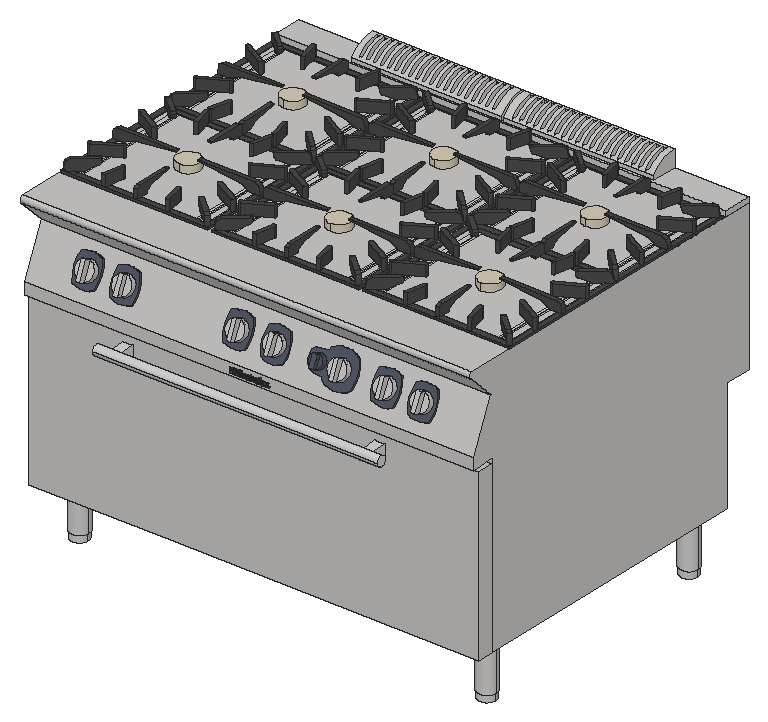
Revit family "QF_ELECTROLUXPROFESSIONAL_391463_E9AANABJMIE", category Attrezzature speciali, Revit 2018
Family settings
  Quota connettore circolare = Usa diametro
  Tipo di parte = Normale
  Basato su piano di lavoro = No
  Sempre verticale = Sì
  Taglio con vuoti quando caricato = No
  Condiviso = No
  Punto di calcolo locali = No
Parameters (values of type "Standard")
  Weight = 200.00 kg
  Watts = 0 W
  Volts = 0 V
  URL Manufacturer = "https://www.electroluxprofessional.com/"
  URL = "https://www.electroluxprofessional.com/"
  Steam Supply Size = 0"
  Steam Supply Minimum Pressure = 0.00 psi
  Steam Supply Maximum Pressure = 0.00 psi
  Steam Consumption per Hour = 0
  Show Logo [instance] = yes
  Show Clearance [instance] = yes
  Refrigeration Suction Line Size = 0 mm
  Refrigeration Liquid Line Size = 0 mm
  Refrigerant Compressor Remote = yes
  Phase = 0
  Modello = "E9AANABJMIE"
  Produttore = "Electrolux Professional"
  Length Actual = 1200 mm  # constant formula
  Item Number = "391463"
  Hot Water Size = 0"
  Height Actual = 850 mm  # constant formula
  HP = "0 HP"
  Gas Size = 1/2"
  Gas KW = 56
  Gas Input Pressure = 1.45819 Btu/h
  Direct Waste Size = 0"
  Descrizione = "6-BURNER GAS RANGE+LARGE GAS OVEN 1200MM - 3MM WORKTOP"
  Depth Actual = 930 mm  # constant formula
  Cycle = 0 Hz
  Condensate Return Size = 0"
  Compressed Air Volume = 0 GPM
  Compressed Air Size = 0"
  Compressed Air Pressure = 0.00 psi
  Cold Water Size = 0"
  Assembly Code = ""
  Accessory = yes
Values of the unnamed type that differ from the named types
  Weight = 0.00 kg
  URL Manufacturer = ""
  Item Number = ""
  HP = ""
  Gas KW = 0
  Gas Input Pressure = 0.0 Btu/h
Reference planes
  plane 1 "BACK": y = 0
  plane 2: z = 0
  plane 3 "LEFT": x = 0
  plane 4 "RIGHT": x = 1200
  plane 5 "FRONT": y = -700
  plane 6 "TOP": z = 909
  plane 7 "Center Y": x = 600
  plane 8 "Center X": y = -350
  plane 9 "Base": z = 150
  plane 10: z = 850.9
  plane 11: y = -930
  plane 12: y = -1109
  plane 13: y = -128
  plane 14: y = -802
  plane 15: y = -1310
  plane 16: y = -666
  plane 17: x = 56
  plane 18: x = 1144
Forms (mm)
  Extrusion 1, solid, material "QF_Finishes_Stainless Steel"
    sketch origin (0, 0, 0) x (0, 1, 0) y (0, 0, 1)
      loop
        line (0, 450) -> (0, 850.9) -> (-921.37, 850.9)
        arc (-921.37, 850.9) -> (-929.343, 845.573) -> (-927.472, 836.168) r 8.63
        line (-927.472, 836.168) -> (-858.266, 766.833) -> (-915.833, 641.476) -> (-915.833, 610.179) -> (-855.839, 614.875)
        arc (-855.839, 614.875) -> (-853.314, 614.127) -> (-852.222, 611.731) r 3.175
        line (-852.222, 611.731) -> (-852.222, 150) -> (-71, 150) -> (-71, 450) -> (0, 450)
    from 0 to 1200
  Extrusion 2, solid, material "QF_Finishes_Stainless Steel"
    sketch origin (0, -852.222, 611.731) x (0, 0, -1) y (1, 0, 0)
      loop
        line (461.731, 363.774) -> (461.731, 1200) -> (9.61, 1200) -> (9.61, 378.321) -> (9.61, 0) -> (461.731, 0) -> (461.731, 363.774)
    from 3.175 to 47.778
  Extrusion 3, solid, material "QF_Finishes_Stainless Steel"
    sketch origin (0, 0, 0) x (0, -1, 0) y (0, 0, 1)
      loop
        line (0, 850.9) -> (76.2, 850.9) -> (76.2, 865.188) -> (0, 865.188) -> (0, 850.9)
    from 0 to -1200
  Extrusion 4, solid, material "QF_Finishes_Stainless Steel"
    sketch origin (0, -852.222, 150) x (1, 0, 0) y (0, -1, 0)
      loop
        circle (1148, -186.222) r 6.4
    from 0 to 21
  Extrusion 5, solid, material "QF_Door-Drawer Clearances", visible <- "Show Clearance", detail levels coarse
    sketch origin (0, -200, 0) x (0, 1, 0) y (0, 0, 1)
      loop
        line (-1110, 150) -> (-700, 150) -> (-700, 602.41)
        arc (-700, 602.41) -> (-992.25, 455.276) -> (-1110, 150) r 454.603
    from 0 to 1200
  Extrusion 6, solid, material "QF_Clearances", visible <- "Show Clearance", detail levels coarse
    sketch origin (0, -200, 0) x (1, 0, 0) y (0, 1, 0)
      loop
        line (-100, -730) -> (0, -730) -> (0, 200) -> (1200, 200) -> (1200, -730) -> (1300, -730) -> (1300, 300) -> (-100, 300) -> (-100, -730)
    from 0 to 908.85
  Extrusion 7, solid, material "QF_Finishes_Handrails and Railings"
    sketch origin (200, -200, 0) x (0, 1, 0) y (0, 0, 1)
      loop
        line (-700, 580.001) -> (-738.549, 577.296)
        arc (-738.549, 577.296) -> (-739.742, 563.489) -> (-752.852, 558.993) r 12.7
        arc (-752.852, 558.993) -> (-752.311, 558.176) -> (-751.712, 557.401) r 13.441
        arc (-751.712, 557.401) -> (-749.907, 555.955) -> (-747.68, 555.335) r 5.77
        line (-747.68, 555.335) -> (-700, 551.992) -> (-700, 580.001)
    from 50.8 to 76.2
  Extrusion 8, solid, material "QF_Finishes_Handrails and Railings"
    sketch origin (1000, -200, 0) x (0, 1, 0) y (0, 0, -1)
      loop
        line (-700, -580.001) -> (-700, -551.992) -> (-747.68, -555.335)
        arc (-747.68, -555.335) -> (-749.907, -555.955) -> (-751.712, -557.401) r 5.77
        arc (-751.712, -557.401) -> (-752.311, -558.176) -> (-752.852, -558.993) r 13.441
        arc (-752.852, -558.993) -> (-739.742, -563.489) -> (-738.549, -577.296) r 12.7
        line (-738.549, -577.296) -> (-700, -580.001)
    from 50.8 to 76.2
  Extrusion 9, solid, material "QF_Finishes_Handrails and Railings"
    sketch origin (200, -200, 0) x (0, 1, 0) y (0, 0, 1)
      loop
        circle (-749.749, 571.309) r 12.7
    from 19.875 to 780.125
  Extrusion 10, solid, material "QF_Finishes_Navy Blue"
    sketch origin (405.244, -913.772, 646.186) x (0, 0.418102, 0.9084) y (-1, 0, 0)
      loop
        arc (102.623, -510.47) -> (67.041, -502.846) -> (31.333, -509.853) r 90.5
        arc (31.333, -509.853) -> (24.507, -539.04) -> (31.333, -568.228) r 65.817
        arc (31.333, -568.228) -> (67.04, -575.188) -> (102.623, -567.615) r 91.066
        arc (102.623, -567.615) -> (109.179, -539.043) -> (102.623, -510.47) r 65.546
    from 0 to 3.175
  Extrusion 11, solid, material "QF_Finishes_Stainless Steel"
    sketch origin (783.994, -917.485, 645.711) x (0, 0.418102, 0.9084) y (-1, 0, 0)
      loop
        circle (68.826, -160.963) r 25.4
    from 0 to 12.7
  Extrusion 12, solid, material "QF_Finishes_Stainless Steel"
    sketch origin (783.994, -929.022, 651.021) x (0, 0.418102, 0.9084) y (-1, 0, 0)
      loop
        arc (93.558, -166.749) -> (94.226, -160.963) -> (93.558, -155.177) r 25.4
        line (93.558, -155.177) -> (44.094, -155.177)
        arc (44.094, -155.177) -> (43.426, -160.963) -> (44.094, -166.749) r 25.4
        line (44.094, -166.749) -> (93.558, -166.749)
    from 0 to 12.7
  Extrusion 13, solid, material "QF_Finishes_Navy Blue"
    sketch origin (282.787, -913.772, 646.186) x (0, 0.418102, 0.9084) y (-1, 0, 0)
      loop
        arc (104.355, -502.587) -> (101.326, -501.258) -> (98.25, -500.039) r 91.066
        arc (98.25, -500.039) -> (96.592, -482.449) -> (93.213, -465.107) r 179.528
        arc (93.213, -465.107) -> (69.244, -452.795) -> (45.274, -465.107) r 29.489
        arc (45.274, -465.107) -> (38.909, -481.441) -> (37.449, -498.912) r 61.044
        arc (37.449, -498.912) -> (34.471, -499.962) -> (31.532, -501.116) r 91.066
        arc (31.532, -501.116) -> (19.517, -540.223) -> (32.929, -578.873) r 65.817
        arc (32.929, -578.873) -> (68.105, -585.173) -> (102.996, -577.452) r 91.066
        arc (102.996, -577.452) -> (115.418, -540.233) -> (104.355, -502.587) r 65.546
    from 0 to 3.175
  Extrusion 14, solid, material "QF_Finishes_Stainless Steel"
    sketch origin (661.537, -917.485, 645.711) x (0, 0.418102, 0.9084) y (-1, 0, 0)
      loop
        circle (68.826, -160.963) r 25.4
    from 0 to 12.7
  Extrusion 15, solid, material "QF_Finishes_Stainless Steel"
    sketch origin (661.537, -929.022, 651.021) x (0, 0.418102, 0.9084) y (-1, 0, 0)
      loop
        arc (93.558, -166.749) -> (94.226, -160.963) -> (93.558, -155.177) r 25.4
        line (93.558, -155.177) -> (44.094, -155.177)
        arc (44.094, -155.177) -> (43.426, -160.963) -> (44.094, -166.749) r 25.4
        line (44.094, -166.749) -> (93.558, -166.749)
    from 0 to 12.7
  Extrusion 16, solid, material "QF_Finishes_Navy Blue"
    sketch origin (604.037, -917.485, 645.711) x (0, 0.418102, 0.9084) y (-1, 0, 0)
      loop
        circle (68.826, -160.963) r 18.37
    from 0 to 12.7
  Extrusion 17, solid, material "QF_Finishes_Navy Blue"
    sketch origin (602.746, -929.022, 651.021) x (0, 0.418102, 0.9084) y (-1, 0, 0)
      loop
        arc (84.808, -167.687) -> (85.476, -161.901) -> (84.808, -156.114) r 25.4
        line (84.808, -156.114) -> (52.844, -156.114)
        arc (52.844, -156.114) -> (52.176, -161.901) -> (52.844, -167.687) r 25.4
        line (52.844, -167.687) -> (84.808, -167.687)
    from 0 to 8.112
  Extrusion 18, solid, material "QF_Finishes_Navy Blue"
    sketch origin (-392.256, -913.772, 646.186) x (0, 0.418102, 0.9084) y (-1, 0, 0)
      loop
        arc (102.623, -510.47) -> (67.041, -502.846) -> (31.333, -509.853) r 90.5
        arc (31.333, -509.853) -> (24.507, -539.04) -> (31.333, -568.228) r 65.817
        arc (31.333, -568.228) -> (67.04, -575.188) -> (102.623, -567.615) r 91.066
        arc (102.623, -567.615) -> (109.179, -539.043) -> (102.623, -510.47) r 65.546
    from 0 to 3.175
  Extrusion 19, solid, material "QF_Finishes_Stainless Steel"
    sketch origin (-13.506, -917.485, 645.711) x (0, 0.418102, 0.9084) y (-1, 0, 0)
      loop
        circle (68.826, -160.963) r 25.4
    from 0 to 12.7
  Extrusion 20, solid, material "QF_Finishes_Stainless Steel"
    sketch origin (-13.506, -929.022, 651.021) x (0, 0.418102, 0.9084) y (-1, 0, 0)
      loop
        arc (93.558, -166.749) -> (94.226, -160.963) -> (93.558, -155.177) r 25.4
        line (93.558, -155.177) -> (44.094, -155.177)
        arc (44.094, -155.177) -> (43.426, -160.963) -> (44.094, -166.749) r 25.4
        line (44.094, -166.749) -> (93.558, -166.749)
    from 0 to 12.7
  Extrusion 21, solid, material "QF_Finishes_Navy Blue"
    sketch origin (-292.256, -913.772, 646.186) x (0, 0.418102, 0.9084) y (-1, 0, 0)
      loop
        arc (102.623, -510.47) -> (67.041, -502.846) -> (31.333, -509.853) r 90.5
        arc (31.333, -509.853) -> (24.507, -539.04) -> (31.333, -568.228) r 65.817
        arc (31.333, -568.228) -> (67.04, -575.188) -> (102.623, -567.615) r 91.066
        arc (102.623, -567.615) -> (109.179, -539.043) -> (102.623, -510.47) r 65.546
    from 0 to 3.175
  Extrusion 22, solid, material "QF_Finishes_Stainless Steel"
    sketch origin (86.494, -917.485, 645.711) x (0, 0.418102, 0.9084) y (-1, 0, 0)
      loop
        circle (68.826, -160.963) r 25.4
    from 0 to 12.7
  Extrusion 23, solid, material "QF_Finishes_Stainless Steel"
    sketch origin (86.494, -929.022, 651.021) x (0, 0.418102, 0.9084) y (-1, 0, 0)
      loop
        arc (93.558, -166.749) -> (94.226, -160.963) -> (93.558, -155.177) r 25.4
        line (93.558, -155.177) -> (44.094, -155.177)
        arc (44.094, -155.177) -> (43.426, -160.963) -> (44.094, -166.749) r 25.4
        line (44.094, -166.749) -> (93.558, -166.749)
    from 0 to 12.7
  Extrusion 24, solid, material "QF_Finishes_Stainless Steel"
    sketch origin (202.4, -200, 590.5) x (0, 1, 0) y (0, 0, 1)
      loop
        line (200, 274.688) -> (200, 318.5)
        arc (200, 318.5) -> (160.905, 309.851) -> (130.15, 284.212) r 84.706
        line (130.15, 284.212) -> (130.15, 274.688) -> (200, 274.688)
    from 400 to 800
  Extrusion 25, solid, material "QF_Finishes_Navy Blue"
    sketch origin (502.744, -913.772, 646.186) x (0, 0.418102, 0.9084) y (-1, 0, 0)
      loop
        arc (102.623, -510.47) -> (67.041, -502.846) -> (31.333, -509.853) r 90.5
        arc (31.333, -509.853) -> (24.507, -539.04) -> (31.333, -568.228) r 65.817
        arc (31.333, -568.228) -> (67.04, -575.188) -> (102.623, -567.615) r 91.066
        arc (102.623, -567.615) -> (109.179, -539.043) -> (102.623, -510.47) r 65.546
    from 0 to 3.175
  Extrusion 26, solid, material "QF_Finishes_Stainless Steel"
    sketch origin (881.494, -917.485, 645.711) x (0, 0.418102, 0.9084) y (-1, 0, 0)
      loop
        circle (68.826, -160.963) r 25.4
    from 0 to 12.7
  Extrusion 27, solid, material "QF_Finishes_Stainless Steel"
    sketch origin (881.494, -929.022, 651.021) x (0, 0.418102, 0.9084) y (-1, 0, 0)
      loop
        arc (93.558, -166.749) -> (94.226, -160.963) -> (93.558, -155.177) r 25.4
        line (93.558, -155.177) -> (44.094, -155.177)
        arc (44.094, -155.177) -> (43.426, -160.963) -> (44.094, -166.749) r 25.4
        line (44.094, -166.749) -> (93.558, -166.749)
    from 0 to 12.7
  Extrusion 28, solid, material "QF_Finishes_Navy Blue"
    sketch origin (10.244, -913.772, 646.186) x (0, 0.418102, 0.9084) y (-1, 0, 0)
      loop
        arc (102.623, -510.47) -> (67.041, -502.846) -> (31.333, -509.853) r 90.5
        arc (31.333, -509.853) -> (24.507, -539.04) -> (31.333, -568.228) r 65.817
        arc (31.333, -568.228) -> (67.04, -575.188) -> (102.623, -567.615) r 91.066
        arc (102.623, -567.615) -> (109.179, -539.043) -> (102.623, -510.47) r 65.546
    from 0 to 3.175
  Extrusion 29, solid, material "QF_Finishes_Stainless Steel"
    sketch origin (388.994, -917.485, 645.711) x (0, 0.418102, 0.9084) y (-1, 0, 0)
      loop
        circle (68.826, -160.963) r 25.4
    from 0 to 12.7
  Extrusion 30, solid, material "QF_Finishes_Stainless Steel"
    sketch origin (388.994, -929.022, 651.021) x (0, 0.418102, 0.9084) y (-1, 0, 0)
      loop
        arc (93.558, -166.749) -> (94.226, -160.963) -> (93.558, -155.177) r 25.4
        line (93.558, -155.177) -> (44.094, -155.177)
        arc (44.094, -155.177) -> (43.426, -160.963) -> (44.094, -166.749) r 25.4
        line (44.094, -166.749) -> (93.558, -166.749)
    from 0 to 12.7
  Extrusion 31, solid, material "QF_Finishes_Navy Blue"
    sketch origin (110.244, -913.772, 646.186) x (0, 0.418102, 0.9084) y (-1, 0, 0)
      loop
        arc (102.623, -510.47) -> (67.041, -502.846) -> (31.333, -509.853) r 90.5
        arc (31.333, -509.853) -> (24.507, -539.04) -> (31.333, -568.228) r 65.817
        arc (31.333, -568.228) -> (67.04, -575.188) -> (102.623, -567.615) r 91.066
        arc (102.623, -567.615) -> (109.179, -539.043) -> (102.623, -510.47) r 65.546
    from 0 to 3.175
  Extrusion 32, solid, material "QF_Finishes_Stainless Steel"
    sketch origin (488.994, -917.485, 645.711) x (0, 0.418102, 0.9084) y (-1, 0, 0)
      loop
        circle (68.826, -160.963) r 25.4
    from 0 to 12.7
  Extrusion 33, solid, material "QF_Finishes_Stainless Steel"
    sketch origin (488.994, -929.022, 651.021) x (0, 0.418102, 0.9084) y (-1, 0, 0)
      loop
        arc (93.558, -166.749) -> (94.226, -160.963) -> (93.558, -155.177) r 25.4
        line (93.558, -155.177) -> (44.094, -155.177)
        arc (44.094, -155.177) -> (43.426, -160.963) -> (44.094, -166.749) r 25.4
        line (44.094, -166.749) -> (93.558, -166.749)
    from 0 to 12.7
  Extrusion 34, solid, material "QF_Finishes_Navy Blue", visible <- "Show Logo"
    sketch origin (261.109, -915.962, 610.773) x (0, 0, 1) y (-1, 0, 0)
      loop
        line (20.674, -296.698) -> (8.307, -296.698)
        arc (8.307, -296.698) -> (14.491, -301.27) -> (20.674, -296.698) r 6.467
      loop
        arc (20.674, -296.069) -> (19.505, -290.926) -> (14.849, -288.448) r 6.338
        line (14.849, -288.448) -> (14.849, -290.494)
        arc (14.849, -290.494) -> (16.333, -294.149) -> (19.778, -296.069) r 5.941
        line (19.778, -296.069) -> (20.674, -296.069)
      loop
        arc (9.203, -296.069) -> (12.648, -294.149) -> (14.132, -290.494) r 5.941
        line (14.132, -290.494) -> (14.132, -288.448)
        arc (14.132, -288.448) -> (9.438, -290.922) -> (8.148, -296.069) r 6.504
        line (8.148, -296.069) -> (9.203, -296.069)
      loop
        line (21.349, -287.979) -> (7.604, -287.979) -> (7.604, -301.742) -> (21.349, -301.742) -> (21.349, -287.979)
      loop
        arc (21.432, -304.71) -> (21.085, -304.352) -> (20.718, -304.69) r 0.358
        arc (20.718, -304.69) -> (20.404, -305.44) -> (19.687, -305.825) r 1.216
        line (19.687, -305.825) -> (9.274, -305.825)
        arc (9.274, -305.825) -> (8.614, -305.548) -> (8.218, -304.951) r 1.238
        arc (8.218, -304.951) -> (7.823, -304.7) -> (7.518, -305.054) r 0.358
        line (7.518, -305.054) -> (7.518, -314.933) -> (10.269, -314.933) -> (10.269, -314.036)
        arc (10.269, -314.036) -> (9.36, -313.456) -> (8.904, -312.479) r 1.928
        line (8.904, -312.479) -> (8.904, -309.98)
        arc (8.904, -309.98) -> (9.18, -309.251) -> (9.868, -308.887) r 1.101
        line (9.868, -308.887) -> (13.955, -308.887) -> (13.955, -312.561)
        arc (13.955, -312.561) -> (13.602, -313.058) -> (13.037, -313.286) r 1.083
        arc (13.037, -313.286) -> (12.773, -313.591) -> (13.065, -313.869) r 0.292
        line (13.065, -313.869) -> (16.028, -313.869)
        arc (16.028, -313.869) -> (16.33, -313.596) -> (16.092, -313.266) r 0.305
        arc (16.092, -313.266) -> (15.601, -313.018) -> (15.296, -312.561) r 1.083
        line (15.296, -312.561) -> (15.296, -308.887) -> (19.973, -308.887) -> (19.973, -312.635)
        arc (19.973, -312.635) -> (19.759, -313.39) -> (19.153, -313.888) r 1.314
        arc (19.153, -313.888) -> (18.934, -314.292) -> (19.288, -314.585) r 0.361
        line (19.288, -314.585) -> (21.432, -314.585) -> (21.432, -304.71)
      loop
        arc (20.715, -315.365) -> (20.335, -316.284) -> (19.416, -316.664) r 1.299
        line (19.416, -316.664) -> (9.837, -316.664)
        arc (9.837, -316.664) -> (8.999, -316.286) -> (8.728, -315.408) r 1.118
        line (8.728, -315.408) -> (7.518, -315.408) -> (7.518, -320.758) -> (8.706, -320.758)
        arc (8.706, -320.758) -> (8.978, -319.841) -> (9.848, -319.445) r 1.153
        line (9.848, -319.445) -> (21.92, -319.445) -> (20.715, -315.365)
      loop
        line (12.483, -323.394) -> (12.483, -329.842) -> (13.282, -329.842)
        arc (13.282, -329.842) -> (15.862, -328.857) -> (17.131, -326.404) r 3.874
        line (17.131, -326.404) -> (17.131, -324.643)
        arc (17.131, -324.643) -> (15.944, -321.778) -> (13.08, -320.592) r 4.051
        line (13.08, -320.592) -> (11.072, -320.592)
        arc (11.072, -320.592) -> (8.253, -322.077) -> (7.202, -325.084) r 4.352
        arc (7.202, -325.084) -> (7.566, -327.547) -> (8.943, -329.621) r 5.713
        line (8.943, -329.621) -> (9.892, -329.621)
        arc (9.892, -329.621) -> (9.16, -328.052) -> (8.943, -326.334) r 5.579
        arc (8.943, -326.334) -> (9.737, -324.371) -> (11.616, -323.394) r 3.057
        line (11.616, -323.394) -> (12.483, -323.394)
      loop
        line (13.742, -323.394) -> (13.742, -326.977)
        arc (13.742, -326.977) -> (15.199, -327.024) -> (16.082, -325.864) r 1.59
        line (16.082, -325.864) -> (16.082, -325.034)
        arc (16.082, -325.034) -> (15.217, -323.779) -> (13.742, -323.394) r 2.184
      loop
        arc (16.533, -339.259) -> (17.022, -337.585) -> (17.179, -335.848) r 9.023
        line (17.179, -335.848) -> (17.179, -334.486)
        arc (17.179, -334.486) -> (16.02, -331.686) -> (13.22, -330.527) r 3.959
        line (13.22, -330.527) -> (10.62, -330.527)
        arc (10.62, -330.527) -> (8.338, -331.819) -> (7.221, -334.192) r 4.331
        line (7.221, -334.192) -> (7.221, -336.327)
        arc (7.221, -336.327) -> (7.729, -337.877) -> (8.651, -339.223) r 5.772
        arc (8.651, -339.223) -> (9.412, -339.274) -> (9.499, -338.515) r 0.553
        arc (9.499, -338.515) -> (9.111, -337.781) -> (8.977, -336.962) r 2.573
        line (8.977, -336.962) -> (8.977, -335.447)
        arc (8.977, -335.447) -> (9.983, -333.806) -> (11.798, -333.163) r 2.884
        line (11.798, -333.163) -> (13.077, -333.163)
        arc (13.077, -333.163) -> (14.898, -333.723) -> (15.824, -335.388) r 2.554
        line (15.824, -335.388) -> (15.824, -336.441)
        arc (15.824, -336.441) -> (15.493, -337.369) -> (14.836, -338.104) r 2.564
        arc (14.836, -338.104) -> (14.614, -338.821) -> (15.223, -339.259) r 0.643
        line (15.223, -339.259) -> (16.533, -339.259)
      loop
        line (15.515, -339.53) -> (15.515, -341.031) -> (9.467, -341.031)
        arc (9.467, -341.031) -> (7.879, -341.688) -> (7.221, -343.276) r 2.246
        line (7.221, -343.276) -> (7.221, -344.86)
        arc (7.221, -344.86) -> (7.535, -345.725) -> (8.035, -346.496) r 4.06
        arc (8.035, -346.496) -> (8.768, -346.629) -> (9.019, -345.928) r 0.576
        arc (9.019, -345.928) -> (8.913, -345.403) -> (8.977, -344.87) r 1.69
        arc (8.977, -344.87) -> (9.519, -344.082) -> (10.425, -343.779) r 1.506
        line (10.425, -343.779) -> (15.563, -343.779) -> (15.563, -346.176) -> (16.119, -346.733) -> (16.941, -346.733) -> (16.941, -343.873) -> (20.172, -343.873) -> (15.515, -339.53)
      loop
        line (7.438, -347.63) -> (7.438, -353.017) -> (8.548, -353.017)
        arc (8.548, -353.017) -> (8.942, -352.066) -> (9.893, -351.672) r 1.345
        line (9.893, -351.672) -> (13.509, -351.672)
        arc (13.509, -351.672) -> (14.274, -352.264) -> (14.564, -353.186) r 1.615
        line (14.564, -353.186) -> (14.564, -354.742) -> (17.119, -355.427) -> (17.119, -354.044) -> (15.177, -351.485) -> (17.057, -351.485) -> (16.773, -348.779)
        arc (16.773, -348.779) -> (16.333, -348.249) -> (15.674, -348.45) r 0.621
        arc (15.674, -348.45) -> (15.274, -348.792) -> (14.78, -348.975) r 1.501
        line (14.78, -348.975) -> (9.893, -348.975)
        arc (9.893, -348.975) -> (8.942, -348.581) -> (8.548, -347.63) r 1.345
        line (8.548, -347.63) -> (7.438, -347.63)
      loop
        line (13.54, -354.964) -> (10.848, -354.964)
        arc (10.848, -354.964) -> (8.403, -356.272) -> (7.269, -358.803) r 4.288
        arc (7.269, -358.803) -> (7.205, -360.183) -> (7.269, -361.563) r 15.022
        arc (7.269, -361.563) -> (8.403, -364.094) -> (10.848, -365.401) r 4.288
        line (10.848, -365.401) -> (13.54, -365.401)
        arc (13.54, -365.401) -> (15.986, -364.094) -> (17.119, -361.563) r 4.288
        arc (17.119, -361.563) -> (17.183, -360.183) -> (17.119, -358.803) r 15.022
        arc (17.119, -358.803) -> (15.986, -356.272) -> (13.54, -354.964) r 4.288
      loop
        line (13.745, -358.078) -> (10.643, -358.078)
        arc (10.643, -358.078) -> (8.486, -360.235) -> (10.643, -362.392) r 2.157
        line (10.643, -362.392) -> (13.745, -362.392)
        arc (13.745, -362.392) -> (15.902, -360.235) -> (13.745, -358.078) r 2.157
      loop
        arc (20.726, -365.26) -> (20.355, -366.154) -> (19.461, -366.524) r 1.264
        line (19.461, -366.524) -> (9.597, -366.524)
        arc (9.597, -366.524) -> (8.727, -366.127) -> (8.455, -365.211) r 1.153
        line (8.455, -365.211) -> (7.518, -365.211) -> (7.518, -370.319) -> (8.446, -370.319)
        arc (8.446, -370.319) -> (8.805, -369.547) -> (9.597, -369.232) r 1.153
        line (9.597, -369.232) -> (21.92, -369.232) -> (20.726, -365.26)
      loop
        arc (15.846, -369.857) -> (15.647, -370.921) -> (14.678, -371.403) r 1.215
        line (14.678, -371.403) -> (9.658, -371.403)
        arc (9.658, -371.403) -> (8.043, -372.051) -> (7.322, -373.634) r 2.338
        line (7.322, -373.634) -> (7.322, -375.148)
        arc (7.322, -375.148) -> (7.497, -376.152) -> (7.999, -377.038) r 2.979
        line (7.999, -377.038) -> (7.518, -378.835) -> (7.518, -380.524) -> (16.943, -380.524) -> (16.649, -376.32) -> (15.863, -376.32)
        arc (15.863, -376.32) -> (15.507, -377.156) -> (14.755, -377.665) r 1.605
        line (14.755, -377.665) -> (9.652, -377.665)
        arc (9.652, -377.665) -> (9.232, -376.728) -> (9.159, -375.704) r 2.94
        arc (9.159, -375.704) -> (9.72, -374.603) -> (10.873, -374.16) r 1.724
        line (10.873, -374.16) -> (17.07, -374.16) -> (15.846, -369.857)
      loop
        line (16.874, -381.377) -> (15.202, -383.423) -> (12.028, -385.729) -> (8.572, -382.617)
        arc (8.572, -382.617) -> (8.335, -382.223) -> (8.357, -381.764) r 0.789
        line (8.357, -381.764) -> (7.518, -381.764) -> (7.518, -385.309) -> (8.344, -385.309)
        arc (8.344, -385.309) -> (8.686, -384.947) -> (9.176, -385.039) r 0.52
        line (9.176, -385.039) -> (10.976, -386.51) -> (8.858, -387.886)
        arc (8.858, -387.886) -> (8.457, -387.576) -> (8.37, -387.076) r 0.7
        line (8.37, -387.076) -> (7.518, -387.076) -> (7.518, -393.003) -> (8.405, -393.003)
        arc (8.405, -393.003) -> (8.472, -392.344) -> (8.866, -391.813) r 1.247
        line (8.866, -391.813) -> (13.066, -388.532) -> (15.513, -390.585) -> (16.874, -392.327) -> (16.874, -388.604) -> (15.389, -389.026) -> (13.868, -387.749) -> (15.568, -386.559) -> (16.874, -387.336) -> (16.874, -381.377)
    from 0 to 1.644
  Revolve 35, solid, material "QF_Finishes_Stainless Steel"
    sketch origin (799, -128, 0) x (-1, 0, 0) y (0, 0, -1)
      loop
        line (-345, 0) -> (-367.9, 0) -> (-367.9, -19.05) -> (-370.4, -19.05) -> (-370.4, -150) -> (-345, -150) -> (-345, 0)
      axis (-345, 0) -> (-345, -150)
    angle from 0 to 360
  Revolve 36, solid, material "QF_Finishes_Stainless Steel"
    sketch origin (799, -802, 0) x (-1, 0, 0) y (0, 0, -1)
      loop
        line (-345, 0) -> (-367.9, 0) -> (-367.9, -19.05) -> (-370.4, -19.05) -> (-370.4, -150) -> (-345, -150) -> (-345, 0)
      axis (-345, 0) -> (-345, -150)
    angle from 0 to 360
  Extrusion 37, solid, material "QF_Finishes_Stainless Steel"
    sketch origin (0, -852.222, 150) x (1, 0, 0) y (0, -1, 0)
      loop
        circle (1157, -276.222) r 12.7
    from 0 to 5
  Extrusion 38, void
    sketch origin (-62.611, 0, 865.138) x (-1, 0, 0) y (0, -1, 0)
      loop
        line (-695.005, 6.761) -> (-685.709, 6.761) -> (-685.709, 63.911) -> (-695.005, 63.911) -> (-695.005, 6.761)
      loop
        line (-713.697, 6.761) -> (-704.401, 6.761) -> (-704.401, 63.911) -> (-713.697, 63.911) -> (-713.697, 6.761)
      loop
        line (-732.39, 6.761) -> (-723.094, 6.761) -> (-723.094, 63.911) -> (-732.39, 63.911) -> (-732.39, 6.761)
      loop
        line (-751.082, 6.761) -> (-741.787, 6.761) -> (-741.787, 63.911) -> (-751.082, 63.911) -> (-751.082, 6.761)
      loop
        line (-769.775, 6.761) -> (-760.479, 6.761) -> (-760.479, 63.911) -> (-769.775, 63.911) -> (-769.775, 6.761)
      loop
        line (-788.468, 6.761) -> (-779.172, 6.761) -> (-779.172, 63.911) -> (-788.468, 63.911) -> (-788.468, 6.761)
      loop
        line (-807.16, 6.761) -> (-797.864, 6.761) -> (-797.864, 63.911) -> (-807.16, 63.911) -> (-807.16, 6.761)
      loop
        line (-825.853, 6.761) -> (-816.557, 6.761) -> (-816.557, 63.911) -> (-825.853, 63.911) -> (-825.853, 6.761)
      loop
        line (-844.545, 6.761) -> (-835.25, 6.761) -> (-835.25, 63.911) -> (-844.545, 63.911) -> (-844.545, 6.761)
      loop
        line (-863.238, 6.761) -> (-853.942, 6.761) -> (-853.942, 63.911) -> (-863.238, 63.911) -> (-863.238, 6.761)
      loop
        line (-881.931, 6.761) -> (-872.635, 6.761) -> (-872.635, 63.911) -> (-881.931, 63.911) -> (-881.931, 6.761)
      loop
        line (-900.623, 6.761) -> (-891.328, 6.761) -> (-891.328, 63.911) -> (-900.623, 63.911) -> (-900.623, 6.761)
      loop
        line (-919.316, 6.761) -> (-910.02, 6.761) -> (-910.02, 63.911) -> (-919.316, 63.911) -> (-919.316, 6.761)
      loop
        line (-938.008, 6.761) -> (-928.713, 6.761) -> (-928.713, 63.911) -> (-938.008, 63.911) -> (-938.008, 6.761)
      loop
        line (-956.701, 6.761) -> (-947.405, 6.761) -> (-947.405, 63.911) -> (-956.701, 63.911) -> (-956.701, 6.761)
      loop
        line (-975.394, 6.761) -> (-966.098, 6.761) -> (-966.098, 63.911) -> (-975.394, 63.911) -> (-975.394, 6.761)
      loop
        line (-994.086, 6.761) -> (-984.791, 6.761) -> (-984.791, 63.911) -> (-994.086, 63.911) -> (-994.086, 6.761)
      loop
        line (-1012.779, 6.761) -> (-1003.483, 6.761) -> (-1003.483, 63.911) -> (-1012.779, 63.911) -> (-1012.779, 6.761)
      loop
        line (-1031.472, 6.761) -> (-1022.176, 6.761) -> (-1022.176, 63.911) -> (-1031.472, 63.911) -> (-1031.472, 6.761)
      loop
        line (-1050.164, 6.761) -> (-1040.868, 6.761) -> (-1040.868, 63.911) -> (-1050.164, 63.911) -> (-1050.164, 6.761)
    from 9.525 to 45.348
  Revolve 39, solid, material "QF_Finishes_Stainless Steel"
    sketch origin (1, -128, 0) x (1, 0, 0) y (0, 0, 1)
      loop
        line (55, 0) -> (55, 150) -> (29.6, 150) -> (29.6, 19.05) -> (32.1, 19.05) -> (32.1, 0) -> (55, 0)
      axis (55, 0) -> (55, 150)
    angle from 0 to 360
  Revolve 40, solid, material "QF_Finishes_Stainless Steel"
    sketch origin (1, -802, 0) x (1, 0, 0) y (0, 0, 1)
      loop
        line (55, 0) -> (55, 150) -> (29.6, 150) -> (29.6, 19.05) -> (32.1, 19.05) -> (32.1, 0) -> (55, 0)
      axis (55, 0) -> (55, 150)
    angle from 0 to 360
  Extrusion 41, solid, material "QF_Finishes_Stainless Steel"
    sketch origin (997.6, -200, 590.5) x (0, 1, 0) y (0, 0, -1)
      loop
        line (200, -274.688) -> (130.15, -274.688) -> (130.15, -284.212)
        arc (130.15, -284.212) -> (160.905, -309.851) -> (200, -318.5) r 84.706
        line (200, -318.5) -> (200, -274.688)
    from 400 to 800
  Extrusion 42, void
    sketch origin (1262.611, 0, 865.138) x (1, 0, 0) y (0, 1, 0)
      loop
        line (-695.005, -6.761) -> (-695.005, -63.911) -> (-685.709, -63.911) -> (-685.709, -6.761) -> (-695.005, -6.761)
      loop
        line (-713.697, -6.761) -> (-713.697, -63.911) -> (-704.401, -63.911) -> (-704.401, -6.761) -> (-713.697, -6.761)
      loop
        line (-732.39, -6.761) -> (-732.39, -63.911) -> (-723.094, -63.911) -> (-723.094, -6.761) -> (-732.39, -6.761)
      loop
        line (-751.082, -6.761) -> (-751.082, -63.911) -> (-741.787, -63.911) -> (-741.787, -6.761) -> (-751.082, -6.761)
      loop
        line (-769.775, -6.761) -> (-769.775, -63.911) -> (-760.479, -63.911) -> (-760.479, -6.761) -> (-769.775, -6.761)
      loop
        line (-788.468, -6.761) -> (-788.468, -63.911) -> (-779.172, -63.911) -> (-779.172, -6.761) -> (-788.468, -6.761)
      loop
        line (-807.16, -6.761) -> (-807.16, -63.911) -> (-797.864, -63.911) -> (-797.864, -6.761) -> (-807.16, -6.761)
      loop
        line (-825.853, -6.761) -> (-825.853, -63.911) -> (-816.557, -63.911) -> (-816.557, -6.761) -> (-825.853, -6.761)
      loop
        line (-844.545, -6.761) -> (-844.545, -63.911) -> (-835.25, -63.911) -> (-835.25, -6.761) -> (-844.545, -6.761)
      loop
        line (-863.238, -6.761) -> (-863.238, -63.911) -> (-853.942, -63.911) -> (-853.942, -6.761) -> (-863.238, -6.761)
      loop
        line (-881.931, -6.761) -> (-881.931, -63.911) -> (-872.635, -63.911) -> (-872.635, -6.761) -> (-881.931, -6.761)
      loop
        line (-900.623, -6.761) -> (-900.623, -63.911) -> (-891.328, -63.911) -> (-891.328, -6.761) -> (-900.623, -6.761)
      loop
        line (-919.316, -6.761) -> (-919.316, -63.911) -> (-910.02, -63.911) -> (-910.02, -6.761) -> (-919.316, -6.761)
      loop
        line (-938.008, -6.761) -> (-938.008, -63.911) -> (-928.713, -63.911) -> (-928.713, -6.761) -> (-938.008, -6.761)
      loop
        line (-956.701, -6.761) -> (-956.701, -63.911) -> (-947.405, -63.911) -> (-947.405, -6.761) -> (-956.701, -6.761)
      loop
        line (-975.394, -6.761) -> (-975.394, -63.911) -> (-966.098, -63.911) -> (-966.098, -6.761) -> (-975.394, -6.761)
      loop
        line (-994.086, -6.761) -> (-994.086, -63.911) -> (-984.791, -63.911) -> (-984.791, -6.761) -> (-994.086, -6.761)
      loop
        line (-1012.779, -6.761) -> (-1012.779, -63.911) -> (-1003.483, -63.911) -> (-1003.483, -6.761) -> (-1012.779, -6.761)
      loop
        line (-1031.472, -6.761) -> (-1031.472, -63.911) -> (-1022.176, -63.911) -> (-1022.176, -6.761) -> (-1031.472, -6.761)
      loop
        line (-1050.164, -6.761) -> (-1050.164, -63.911) -> (-1040.868, -63.911) -> (-1040.868, -6.761) -> (-1050.164, -6.761)
    from 9.525 to 45.348
Cuts and joins
  Extrusion 38, Extrusion 42 cuts Extrusion 24
  Extrusion 42 cuts Extrusion 41
Lines and regions (mm)
  symbolic lines, style "QF_Door-Drawer Clearances"
    curve 1: line (0, -930, 150) -> (0, -1310, 150)
    curve 2: line (0, -1310, 150) -> (1200, -1310, 150)
    curve 3: line (1200, -1310, 150) -> (1200, -930, 150)
  symbolic lines
    curve 4: line (1200, -930, 150) -> (0, -930, 150)
    curve 5: line (0, 0, 150) -> (0, -930, 150)
    curve 6: line (1200, -930, 150) -> (1200, 0, 150)
    curve 7: line (0, 0, 150) -> (1200, 0, 150)
    curve 11: line (980.125, -962.449, 150) -> (219.875, -962.449, 150)
    curve 12: line (980.125, -937.049, 150) -> (980.125, -962.449, 150)
    curve 13: line (949.2, -938.549, 150) -> (949.2, -930, 150)
    curve 14: line (923.8, -938.549, 150) -> (923.8, -930, 150)
    curve 15: line (923.8, -938.549, 150) -> (949.2, -938.549, 150)
    curve 16: line (219.875, -937.049, 150) -> (250.8, -937.049, 150)
    curve 17: line (949.2, -937.049, 150) -> (980.125, -937.049, 150)
    curve 18: line (632.394, -6.761, 150) -> (632.394, -63.911, 150)
    curve 19: line (632.394, -63.911, 150) -> (623.098, -63.911, 150)
    curve 20: line (623.098, -63.911, 150) -> (623.098, -6.761, 150)
    curve 21: line (623.098, -6.761, 150) -> (632.394, -6.761, 150)
    curve 22: line (838.012, -6.761, 150) -> (838.012, -63.911, 150)
    curve 23: line (838.012, -63.911, 150) -> (828.717, -63.911, 150)
    curve 24: line (828.717, -63.911, 150) -> (828.717, -6.761, 150)
    curve 25: line (828.717, -6.761, 150) -> (838.012, -6.761, 150)
    curve 26: line (819.32, -6.761, 150) -> (819.32, -63.911, 150)
    curve 27: line (819.32, -63.911, 150) -> (810.024, -63.911, 150)
    curve 28: line (810.024, -63.911, 150) -> (810.024, -6.761, 150)
    curve 29: line (810.024, -6.761, 150) -> (819.32, -6.761, 150)
    curve 30: line (800.627, -6.761, 150) -> (800.627, -63.911, 150)
    curve 31: line (800.627, -63.911, 150) -> (791.331, -63.911, 150)
    curve 32: line (791.331, -63.911, 150) -> (791.331, -6.761, 150)
    curve 33: line (791.331, -6.761, 150) -> (800.627, -6.761, 150)
    curve 34: line (781.934, -6.761, 150) -> (781.934, -63.911, 150)
    curve 35: line (781.934, -63.911, 150) -> (772.639, -63.911, 150)
    curve 36: line (772.639, -63.911, 150) -> (772.639, -6.761, 150)
    curve 37: line (772.639, -6.761, 150) -> (781.934, -6.761, 150)
    curve 38: line (763.242, -6.761, 150) -> (763.242, -63.911, 150)
    curve 39: line (763.242, -63.911, 150) -> (753.946, -63.911, 150)
    curve 40: line (753.946, -63.911, 150) -> (753.946, -6.761, 150)
    curve 41: line (753.946, -6.761, 150) -> (763.242, -6.761, 150)
    curve 42: line (744.549, -6.761, 150) -> (744.549, -63.911, 150)
    curve 43: line (744.549, -63.911, 150) -> (735.253, -63.911, 150)
    curve 44: line (735.253, -63.911, 150) -> (735.253, -6.761, 150)
    curve 45: line (735.253, -6.761, 150) -> (744.549, -6.761, 150)
    curve 46: line (725.857, -6.761, 150) -> (725.857, -63.911, 150)
    curve 47: line (725.857, -63.911, 150) -> (716.561, -63.911, 150)
    curve 48: line (716.561, -63.911, 150) -> (716.561, -6.761, 150)
    curve 49: line (716.561, -6.761, 150) -> (725.857, -6.761, 150)
    curve 50: line (707.164, -6.761, 150) -> (707.164, -63.911, 150)
    curve 51: line (707.164, -63.911, 150) -> (697.868, -63.911, 150)
    curve 52: line (697.868, -63.911, 150) -> (697.868, -6.761, 150)
    curve 53: line (697.868, -6.761, 150) -> (707.164, -6.761, 150)
    curve 54: line (688.471, -6.761, 150) -> (688.471, -63.911, 150)
    curve 55: line (688.471, -63.911, 150) -> (679.176, -63.911, 150)
    curve 56: line (679.176, -63.911, 150) -> (679.176, -6.761, 150)
    curve 57: line (679.176, -6.761, 150) -> (688.471, -6.761, 150)
    curve 58: line (669.779, -6.761, 150) -> (669.779, -63.911, 150)
    curve 59: line (669.779, -63.911, 150) -> (660.483, -63.911, 150)
    curve 60: line (660.483, -63.911, 150) -> (660.483, -6.761, 150)
    curve 61: line (660.483, -6.761, 150) -> (669.779, -6.761, 150)
    curve 62: line (651.086, -6.761, 150) -> (651.086, -63.911, 150)
    curve 63: line (651.086, -63.911, 150) -> (641.79, -63.911, 150)
    curve 64: line (641.79, -63.911, 150) -> (641.79, -6.761, 150)
    curve 65: line (641.79, -6.761, 150) -> (651.086, -6.761, 150)
    curve 66: line (987.553, -6.761, 150) -> (987.553, -63.911, 150)
    curve 67: line (987.553, -63.911, 150) -> (978.257, -63.911, 150)
    curve 68: line (978.257, -63.911, 150) -> (978.257, -6.761, 150)
    curve 69: line (978.257, -6.761, 150) -> (987.553, -6.761, 150)
    curve 70: line (968.861, -6.761, 150) -> (968.861, -63.911, 150)
    curve 71: line (968.861, -63.911, 150) -> (959.565, -63.911, 150)
    curve 72: line (959.565, -63.911, 150) -> (959.565, -6.761, 150)
    curve 73: line (959.565, -6.761, 150) -> (968.861, -6.761, 150)
    curve 74: line (950.168, -6.761, 150) -> (950.168, -63.911, 150)
    curve 75: line (950.168, -63.911, 150) -> (940.872, -63.911, 150)
    curve 76: line (940.872, -63.911, 150) -> (940.872, -6.761, 150)
    curve 77: line (940.872, -6.761, 150) -> (950.168, -6.761, 150)
    curve 78: line (931.475, -6.761, 150) -> (931.475, -63.911, 150)
    curve 79: line (931.475, -63.911, 150) -> (922.18, -63.911, 150)
    curve 80: line (922.18, -63.911, 150) -> (922.18, -6.761, 150)
    curve 81: line (922.18, -6.761, 150) -> (931.475, -6.761, 150)
    curve 82: line (912.783, -6.761, 150) -> (912.783, -63.911, 150)
    curve 83: line (912.783, -63.911, 150) -> (903.487, -63.911, 150)
    curve 84: line (903.487, -63.911, 150) -> (903.487, -6.761, 150)
    curve 85: line (903.487, -6.761, 150) -> (912.783, -6.761, 150)
    curve 86: line (894.09, -6.761, 150) -> (894.09, -63.911, 150)
    curve 87: line (894.09, -63.911, 150) -> (884.794, -63.911, 150)
    curve 88: line (884.794, -63.911, 150) -> (884.794, -6.761, 150)
    curve 89: line (884.794, -6.761, 150) -> (894.09, -6.761, 150)
    curve 90: line (875.397, -6.761, 150) -> (875.397, -63.911, 150)
    curve 91: line (875.397, -63.911, 150) -> (866.102, -63.911, 150)
    curve 92: line (866.102, -63.911, 150) -> (866.102, -6.761, 150)
    curve 93: line (866.102, -6.761, 150) -> (875.397, -6.761, 150)
    curve 94: line (856.705, -6.761, 150) -> (856.705, -63.911, 150)
    curve 95: line (856.705, -63.911, 150) -> (847.409, -63.911, 150)
    curve 96: line (847.409, -63.911, 150) -> (847.409, -6.761, 150)
    curve 97: line (847.409, -6.761, 150) -> (856.705, -6.761, 150)
    curve 98: line (1002.4, -69.85, 150) -> (1002.4, 0, 150)
    curve 99: line (602.4, -69.85, 150) -> (602.4, 0, 150)
    curve 100: line (250.8, -938.549, 150) -> (250.8, -930, 150)
    curve 101: line (276.2, -930, 150) -> (276.2, -938.549, 150)
    curve 102: line (219.875, -937.049, 150) -> (250.8, -937.049, 150)
    curve 103: line (219.875, -962.449, 150) -> (219.875, -937.049, 150)
    curve 104: line (250.8, -938.549, 150) -> (276.2, -938.549, 150)
    curve 105: line (276.2, -937.049, 150) -> (923.8, -937.049, 150)
    curve 106: line (602.4, -69.85, 0) -> (1002.4, -69.85, 0)
    curve 107: line (0, -76.2, 0) -> (1200, -76.2, 0)
    curve 108: line (567.606, -6.761, 150) -> (567.606, -63.911, 150)
    curve 109: line (567.606, -63.911, 150) -> (576.902, -63.911, 150)
    curve 110: line (576.902, -63.911, 150) -> (576.902, -6.761, 150)
    curve 111: line (576.902, -6.761, 150) -> (567.606, -6.761, 150)
    curve 112: line (361.988, -6.761, 150) -> (361.988, -63.911, 150)
    curve 113: line (361.988, -63.911, 150) -> (371.283, -63.911, 150)
    curve 114: line (371.283, -63.911, 150) -> (371.283, -6.761, 150)
    curve 115: line (371.283, -6.761, 150) -> (361.988, -6.761, 150)
    curve 116: line (380.68, -6.761, 150) -> (380.68, -63.911, 150)
    curve 117: line (380.68, -63.911, 150) -> (389.976, -63.911, 150)
    curve 118: line (389.976, -63.911, 150) -> (389.976, -6.761, 150)
    curve 119: line (389.976, -6.761, 150) -> (380.68, -6.761, 150)
    curve 120: line (399.373, -6.761, 150) -> (399.373, -63.911, 150)
    curve 121: line (399.373, -63.911, 150) -> (408.669, -63.911, 150)
    curve 122: line (408.669, -63.911, 150) -> (408.669, -6.761, 150)
    curve 123: line (408.669, -6.761, 150) -> (399.373, -6.761, 150)
    curve 124: line (418.066, -6.761, 150) -> (418.066, -63.911, 150)
    curve 125: line (418.066, -63.911, 150) -> (427.361, -63.911, 150)
    curve 126: line (427.361, -63.911, 150) -> (427.361, -6.761, 150)
    curve 127: line (427.361, -6.761, 150) -> (418.066, -6.761, 150)
    curve 128: line (436.758, -6.761, 150) -> (436.758, -63.911, 150)
    curve 129: line (436.758, -63.911, 150) -> (446.054, -63.911, 150)
    curve 130: line (446.054, -63.911, 150) -> (446.054, -6.761, 150)
    curve 131: line (446.054, -6.761, 150) -> (436.758, -6.761, 150)
    curve 132: line (455.451, -6.761, 150) -> (455.451, -63.911, 150)
    curve 133: line (455.451, -63.911, 150) -> (464.747, -63.911, 150)
    curve 134: line (464.747, -63.911, 150) -> (464.747, -6.761, 150)
    curve 135: line (464.747, -6.761, 150) -> (455.451, -6.761, 150)
    curve 136: line (474.143, -6.761, 150) -> (474.143, -63.911, 150)
    curve 137: line (474.143, -63.911, 150) -> (483.439, -63.911, 150)
    curve 138: line (483.439, -63.911, 150) -> (483.439, -6.761, 150)
    curve 139: line (483.439, -6.761, 150) -> (474.143, -6.761, 150)
    curve 140: line (492.836, -6.761, 150) -> (492.836, -63.911, 150)
    curve 141: line (492.836, -63.911, 150) -> (502.132, -63.911, 150)
    curve 142: line (502.132, -63.911, 150) -> (502.132, -6.761, 150)
    curve 143: line (502.132, -6.761, 150) -> (492.836, -6.761, 150)
    curve 144: line (511.529, -6.761, 150) -> (511.529, -63.911, 150)
    curve 145: line (511.529, -63.911, 150) -> (520.824, -63.911, 150)
    curve 146: line (520.824, -63.911, 150) -> (520.824, -6.761, 150)
    curve 147: line (520.824, -6.761, 150) -> (511.529, -6.761, 150)
    curve 148: line (530.221, -6.761, 150) -> (530.221, -63.911, 150)
    curve 149: line (530.221, -63.911, 150) -> (539.517, -63.911, 150)
    curve 150: line (539.517, -63.911, 150) -> (539.517, -6.761, 150)
    curve 151: line (539.517, -6.761, 150) -> (530.221, -6.761, 150)
    curve 152: line (548.914, -6.761, 150) -> (548.914, -63.911, 150)
    curve 153: line (548.914, -63.911, 150) -> (558.21, -63.911, 150)
    curve 154: line (558.21, -63.911, 150) -> (558.21, -6.761, 150)
    curve 155: line (558.21, -6.761, 150) -> (548.914, -6.761, 150)
    curve 156: line (212.447, -6.761, 150) -> (212.447, -63.911, 150)
    curve 157: line (212.447, -63.911, 150) -> (221.743, -63.911, 150)
    curve 158: line (221.743, -63.911, 150) -> (221.743, -6.761, 150)
    curve 159: line (221.743, -6.761, 150) -> (212.447, -6.761, 150)
    curve 160: line (231.139, -6.761, 150) -> (231.139, -63.911, 150)
    curve 161: line (231.139, -63.911, 150) -> (240.435, -63.911, 150)
    curve 162: line (240.435, -63.911, 150) -> (240.435, -6.761, 150)
    curve 163: line (240.435, -6.761, 150) -> (231.139, -6.761, 150)
    curve 164: line (249.832, -6.761, 150) -> (249.832, -63.911, 150)
    curve 165: line (249.832, -63.911, 150) -> (259.128, -63.911, 150)
    curve 166: line (259.128, -63.911, 150) -> (259.128, -6.761, 150)
    curve 167: line (259.128, -6.761, 150) -> (249.832, -6.761, 150)
    curve 168: line (268.525, -6.761, 150) -> (268.525, -63.911, 150)
    curve 169: line (268.525, -63.911, 150) -> (277.82, -63.911, 150)
    curve 170: line (277.82, -63.911, 150) -> (277.82, -6.761, 150)
    curve 171: line (277.82, -6.761, 150) -> (268.525, -6.761, 150)
    curve 172: line (287.217, -6.761, 150) -> (287.217, -63.911, 150)
    curve 173: line (287.217, -63.911, 150) -> (296.513, -63.911, 150)
    curve 174: line (296.513, -63.911, 150) -> (296.513, -6.761, 150)
    curve 175: line (296.513, -6.761, 150) -> (287.217, -6.761, 150)
    curve 176: line (305.91, -6.761, 150) -> (305.91, -63.911, 150)
    curve 177: line (305.91, -63.911, 150) -> (315.206, -63.911, 150)
    curve 178: line (315.206, -63.911, 150) -> (315.206, -6.761, 150)
    curve 179: line (315.206, -6.761, 150) -> (305.91, -6.761, 150)
    curve 180: line (324.603, -6.761, 150) -> (324.603, -63.911, 150)
    curve 181: line (324.603, -63.911, 150) -> (333.898, -63.911, 150)
    curve 182: line (333.898, -63.911, 150) -> (333.898, -6.761, 150)
    curve 183: line (333.898, -6.761, 150) -> (324.603, -6.761, 150)
    curve 184: line (343.295, -6.761, 150) -> (343.295, -63.911, 150)
    curve 185: line (343.295, -63.911, 150) -> (352.591, -63.911, 150)
    curve 186: line (352.591, -63.911, 150) -> (352.591, -6.761, 150)
    curve 187: line (352.591, -6.761, 150) -> (343.295, -6.761, 150)
    curve 188: line (197.6, -69.85, 150) -> (197.6, 0, 150)
    curve 189: line (597.6, -69.85, 150) -> (597.6, 0, 150)
    curve 190: line (597.6, -69.85, 0) -> (197.6, -69.85, 0)
  symbolic lines, style "QF_Clearances", visible <- "Show Clearance", detail levels coarse
    curve 8: line (-100, -930, 150) -> (-100, 100, 150)
    curve 9: line (-100, 100, 150) -> (1300, 100, 150)
    curve 10: line (1300, 100, 150) -> (1300, -930, 150)
Dimensions and locks
  equal spacing: plane 3 "LEFT", plane 7 "Center Y", plane 4 "RIGHT"
  plane 3 "LEFT" to plane 4 "RIGHT" = 1200 mm
  equal spacing: plane 5 "FRONT", plane 8 "Center X", plane 1 "BACK"
  plane 11 to plane 1 "BACK" = 930 mm  (x2)
  plane 6 "TOP" to level = 909 mm
  plane 9 "Base" to level = 150 mm
  plane 6 "TOP" to plane 10 = 58.1 mm  (x3)
  plane 1 "BACK" to plane 11 = 930 mm
  plane 1 "BACK" to plane 12 = 1109 mm
  locked: Extrusion 1 sketch curve to plane 1 "BACK" at 71
  plane 13 to plane 1 "BACK" = 128 mm
  plane 9 "Base" to plane 2 = 150 mm
  plane 14 to plane 13 = 674 mm
  Extrusion 5 to plane 14 = 98 mm
  plane 15 to plane 1 "BACK" = 1310 mm
  Extrusion 5 to plane 1 "BACK" = 900 mm
  Extrusion 4 sketch curve to plane 1 "BACK" = 666 mm
  Extrusion 4 sketch curve to plane 4 "RIGHT" = 52 mm
  plane 16 to plane 1 "BACK" = 666 mm
  Extrusion 1 to plane 1 "BACK" = 71 mm
  plane 9 "Base" to Extrusion 1 = 300 mm
  plane 6 "TOP" to plane 2 = 909 mm
  plane 10 to plane 2 = 850.9 mm
  Extrusion 6 sketch curve to Extrusion 6 sketch curve = 100 mm
  plane 3 "LEFT" to plane 17 = 56 mm
  plane 4 "RIGHT" to plane 18 = 56 mm
  plane 18 to plane 17 = 1088 mm
  Extrusion 4 to plane 9 "Base" = 21 mm
  aligned and locked: level to plane 2
  aligned and locked: plane 4 "RIGHT" to Extrusion 1
  aligned and locked: plane 4 "RIGHT" to Extrusion 3
Automatic sketch dimensions
  curve 107 to plane 3 "LEFT" = 0 mm
  curve 107 to plane 4 "RIGHT" = 0 mm
  curve 190 to plane 13 = 58.15 mm
  curve 190 to plane 17 = 141.6 mm
  curve 190 to plane 7 "Center Y" = 2.4 mm
  plane 7 "Center Y" to curve 106 = 2.4 mm
  curve 106 to plane 13 = 58.15 mm
  curve 106 to plane 18 = 141.6 mm
  curve 107 to plane 13 = 51.8 mm
  plane 11 to curve 10 = 0 mm
  curve 3 to plane 4 "RIGHT" = 0 mm
  curve 4 to plane 4 "RIGHT" = 0 mm
  plane 1 "BACK" to curve 98 = 0 mm
  plane 11 to curve 13 = 0 mm
  curve 1 to plane 3 "LEFT" = 0 mm
  curve 7 to plane 3 "LEFT" = 0 mm
  plane 11 to curve 8 = 0 mm
  curve 1 to plane 15 = 0 mm
  plane 4 "RIGHT" to curve 9 = 100 mm
  curve 98 to plane 18 = 141.6 mm
  curve 98 to curve 67 = 14.847 mm
  plane 11 to curve 11 = 32.449 mm
  curve 11 to plane 18 = 163.875 mm
  curve 66 to curve 69 = 9.296 mm
  curve 67 to curve 71 = 9.397 mm
  curve 70 to curve 73 = 9.296 mm
  curve 71 to curve 74 = 9.397 mm
  plane 11 to curve 17 = 7.049 mm
  curve 12 to curve 17 = 30.925 mm
  curve 74 to curve 77 = 9.296 mm
  curve 75 to curve 79 = 9.397 mm
  curve 13 to curve 14 = 25.4 mm
  curve 78 to curve 80 = 9.296 mm
  curve 80 to curve 82 = 9.397 mm
  curve 82 to curve 85 = 9.296 mm
  curve 83 to curve 87 = 9.397 mm
  curve 86 to curve 88 = 9.296 mm
  curve 88 to curve 90 = 9.397 mm
  curve 90 to curve 92 = 9.296 mm
  curve 91 to curve 95 = 9.397 mm
  curve 94 to curve 97 = 9.296 mm
  curve 95 to curve 22 = 9.397 mm
  curve 22 to curve 25 = 9.296 mm
  curve 24 to curve 29 = 9.397 mm
  curve 26 to curve 29 = 9.296 mm
  curve 27 to curve 30 = 9.397 mm
  curve 30 to curve 32 = 9.296 mm
  curve 31 to curve 35 = 9.397 mm
  curve 34 to curve 36 = 9.296 mm
  curve 35 to curve 38 = 9.397 mm
  curve 38 to curve 41 = 9.296 mm
  curve 39 to curve 43 = 9.397 mm
  curve 42 to curve 43 = 9.296 mm
  curve 43 to curve 46 = 9.397 mm
  curve 46 to curve 48 = 9.296 mm
  curve 47 to curve 50 = 9.397 mm
  curve 50 to curve 52 = 9.296 mm
  curve 51 to curve 55 = 9.397 mm
  curve 54 to curve 56 = 9.296 mm
  curve 56 to curve 58 = 9.397 mm
  curve 58 to curve 60 = 9.296 mm
  curve 60 to curve 62 = 9.397 mm
  curve 62 to curve 65 = 9.296 mm
  curve 63 to curve 19 = 9.397 mm
  curve 18 to curve 19 = 9.296 mm
  plane 7 "Center Y" to curve 99 = 2.4 mm
  curve 189 to plane 7 "Center Y" = 2.4 mm
  curve 189 to curve 110 = 20.698 mm
  curve 109 to curve 108 = 9.296 mm
  curve 108 to curve 153 = 9.397 mm
  curve 154 to curve 155 = 9.296 mm
  curve 152 to curve 149 = 9.397 mm
  curve 149 to curve 149 = 9.296 mm
  curve 148 to curve 146 = 9.397 mm
  curve 146 to curve 147 = 9.296 mm
  curve 144 to curve 141 = 9.397 mm
  curve 142 to curve 143 = 9.296 mm
  curve 140 to curve 139 = 9.397 mm
  curve 137 to curve 137 = 9.296 mm
  curve 136 to curve 135 = 9.397 mm
  curve 134 to curve 132 = 9.296 mm
  curve 132 to curve 130 = 9.397 mm
  curve 130 to curve 131 = 9.296 mm
  curve 128 to curve 125 = 9.397 mm
  curve 125 to curve 124 = 9.296 mm
  curve 124 to curve 123 = 9.397 mm
  curve 122 to curve 123 = 9.296 mm
  curve 120 to curve 117 = 9.397 mm
  curve 117 to curve 117 = 9.296 mm
  curve 116 to curve 113 = 9.397 mm
  curve 114 to curve 115 = 9.296 mm
  curve 112 to curve 187 = 9.397 mm
  curve 186 to curve 187 = 9.296 mm
  curve 184 to curve 182 = 9.397 mm
  curve 182 to curve 183 = 9.296 mm
  curve 180 to curve 179 = 9.397 mm
  curve 177 to curve 177 = 9.296 mm
  curve 176 to curve 175 = 9.397 mm
  curve 173 to curve 173 = 9.296 mm
  curve 172 to curve 169 = 9.397 mm
  plane 11 to curve 104 = 8.549 mm
  curve 104 to plane 17 = 220.2 mm
  curve 169 to curve 169 = 9.296 mm
  curve 168 to curve 166 = 9.397 mm
  curve 101 to curve 100 = 25.4 mm
  curve 165 to curve 165 = 9.296 mm
  curve 164 to curve 161 = 9.397 mm
  curve 161 to curve 161 = 9.296 mm
  curve 160 to curve 157 = 9.397 mm
  curve 100 to curve 11 = 30.925 mm
  curve 157 to curve 156 = 9.296 mm
  curve 156 to curve 188 = 14.847 mm
  curve 8 to plane 3 "LEFT" = 100 mm
  curve 8 to plane 1 "BACK" = 100 mm
  plane 1 "BACK" to curve 184 = 6.761 mm
  plane 1 "BACK" to curve 164 = 6.761 mm
  plane 1 "BACK" to curve 183 = 6.761 mm
  plane 1 "BACK" to curve 163 = 6.761 mm
  plane 1 "BACK" to curve 179 = 6.761 mm
  plane 1 "BACK" to curve 159 = 6.761 mm
  plane 1 "BACK" to curve 18 = 6.761 mm
  plane 1 "BACK" to curve 155 = 6.761 mm
  plane 1 "BACK" to curve 22 = 6.761 mm
  plane 1 "BACK" to curve 151 = 6.761 mm
  plane 1 "BACK" to curve 26 = 6.761 mm
  plane 1 "BACK" to curve 147 = 6.761 mm
  plane 1 "BACK" to curve 30 = 6.761 mm
  plane 1 "BACK" to curve 143 = 6.761 mm
  plane 1 "BACK" to curve 34 = 6.761 mm
  plane 1 "BACK" to curve 139 = 6.761 mm
  plane 1 "BACK" to curve 38 = 6.761 mm
  plane 1 "BACK" to curve 135 = 6.761 mm
  plane 1 "BACK" to curve 42 = 6.761 mm
  plane 1 "BACK" to curve 131 = 6.761 mm
  plane 1 "BACK" to curve 46 = 6.761 mm
  plane 1 "BACK" to curve 127 = 6.761 mm
  plane 1 "BACK" to curve 50 = 6.761 mm
  plane 1 "BACK" to curve 123 = 6.761 mm
  plane 1 "BACK" to curve 54 = 6.761 mm
  plane 1 "BACK" to curve 119 = 6.761 mm
  plane 1 "BACK" to curve 58 = 6.761 mm
  plane 1 "BACK" to curve 115 = 6.761 mm
  plane 1 "BACK" to curve 62 = 6.761 mm
  plane 1 "BACK" to curve 111 = 6.761 mm
  plane 1 "BACK" to curve 66 = 6.761 mm
  plane 1 "BACK" to curve 170 = 6.761 mm
  plane 1 "BACK" to curve 172 = 6.761 mm
  plane 1 "BACK" to curve 70 = 6.761 mm
  plane 1 "BACK" to curve 74 = 6.761 mm
  plane 1 "BACK" to curve 97 = 6.761 mm
  plane 1 "BACK" to curve 78 = 6.761 mm
  plane 1 "BACK" to curve 93 = 6.761 mm
  plane 1 "BACK" to curve 82 = 6.761 mm
  plane 1 "BACK" to curve 89 = 6.761 mm
  curve 86 to curve 87 = 57.15 mm
  curve 86 to curve 84 = 0 mm
  curve 90 to curve 87 = 0 mm
  curve 82 to curve 80 = 0 mm
  curve 94 to curve 91 = 0 mm
  curve 78 to curve 76 = 0 mm
  curve 74 to curve 72 = 0 mm
  curve 174 to curve 174 = 57.15 mm
  curve 70 to curve 68 = 0 mm
  curve 170 to curve 172 = 0 mm
  curve 64 to curve 64 = 57.15 mm
  curve 108 to curve 108 = 57.15 mm
  curve 62 to curve 60 = 0 mm
  curve 112 to curve 112 = 57.15 mm
  curve 58 to curve 56 = 0 mm
  curve 113 to curve 116 = 0 mm
  curve 54 to curve 52 = 0 mm
  curve 117 to curve 120 = 0 mm
  curve 50 to curve 48 = 0 mm
  curve 121 to curve 124 = 0 mm
  curve 46 to curve 44 = 0 mm
  curve 125 to curve 128 = 0 mm
  curve 42 to curve 40 = 0 mm
  curve 129 to curve 132 = 0 mm
  curve 38 to curve 36 = 0 mm
  curve 133 to curve 136 = 0 mm
  curve 34 to curve 32 = 0 mm
  curve 137 to curve 140 = 0 mm
  curve 30 to curve 28 = 0 mm
  curve 141 to curve 144 = 0 mm
  curve 26 to curve 24 = 0 mm
  curve 145 to curve 148 = 0 mm
  curve 20 to curve 63 = 0 mm
  curve 149 to curve 152 = 0 mm
  curve 173 to curve 176 = 0 mm
  curve 156 to curve 168 = 0 mm
  curve 177 to curve 180 = 0 mm
  curve 157 to curve 160 = 0 mm
  curve 181 to curve 184 = 0 mm
  curve 161 to curve 164 = 0 mm
  curve 19 to curve 99 = 5.939 mm
  curve 66 to curve 98 = 5.939 mm
  curve 189 to curve 99 = 0 mm
  curve 156 to curve 188 = 5.939 mm
  curve 16 to curve 100 = 1.5 mm
  curve 14 to curve 105 = 7.049 mm
  curve 105 to curve 14 = 1.5 mm
  Extrusion 1 sketch curve to plane 10 = 0 mm
  Extrusion 1 sketch curve to plane 9 "Base" = 0 mm
  Extrusion 1 sketch curve to plane 1 "BACK" = 0 mm
  Extrusion 1 sketch curve to plane 14 = 50.222 mm
  Extrusion 1 sketch curve to Extrusion 1 sketch curve = 3.175 mm
  Extrusion 1 sketch curve to Extrusion 1 sketch curve = 0.442 mm
  Extrusion 1 sketch curve to plane 14 = 56.266 mm
  Extrusion 1 sketch curve to plane 11 = 14.167 mm
  Extrusion 1 sketch curve to plane 11 = 8.63 mm
  Extrusion 1 sketch curve to plane 11 = 2.528 mm
  plane 9 "Base" to Extrusion 1 sketch curve = 300 mm
  Extrusion 1 sketch curve to plane 10 = 240.721 mm
  Extrusion 1 sketch curve to Extrusion 1 sketch curve = 1.552 mm
  Extrusion 1 sketch curve to Extrusion 1 sketch curve = 31.298 mm
  Extrusion 1 sketch curve to plane 10 = 84.067 mm
  Extrusion 1 sketch curve to plane 10 = 14.732 mm
  Extrusion 2 sketch curve to Extrusion 1 = 0 mm  (x2)
  Extrusion 1 to Extrusion 2 sketch curve = 0 mm
  Extrusion 1 to Extrusion 2 sketch curve = 9.61 mm
  Extrusion 1 to Extrusion 2 sketch curve = 363.774 mm
  Extrusion 1 to Extrusion 2 sketch curve = 378.321 mm
  Extrusion 3 sketch curve to Extrusion 1 = 0 mm  (x2)
  Extrusion 3 sketch curve to Extrusion 1 = 5.2 mm
  Extrusion 3 sketch curve to Extrusion 3 sketch curve = 14.288 mm
  Extrusion 5 sketch curve to plane 9 "Base" = 0 mm
  Extrusion 5 sketch curve to plane 15 = 0 mm
  Extrusion 5 sketch curve to plane 11 = 30 mm
  Extrusion 5 sketch curve to Extrusion 5 sketch curve = 44.603 mm
  plane 11 to Extrusion 6 sketch curve = 0 mm  (x2)
  plane 1 "BACK" to Extrusion 6 sketch curve = 0 mm
  Extrusion 6 sketch curve to plane 3 "LEFT" = 0 mm
  Extrusion 6 sketch curve to plane 4 "RIGHT" = 0 mm
  Extrusion 6 sketch curve to plane 3 "LEFT" = 100 mm
  plane 4 "RIGHT" to Extrusion 6 sketch curve = 100 mm
  plane 11 to Extrusion 7 sketch curve = 22.852 mm
  Extrusion 7 sketch curve to Extrusion 7 sketch curve = 0 mm  (x2)
